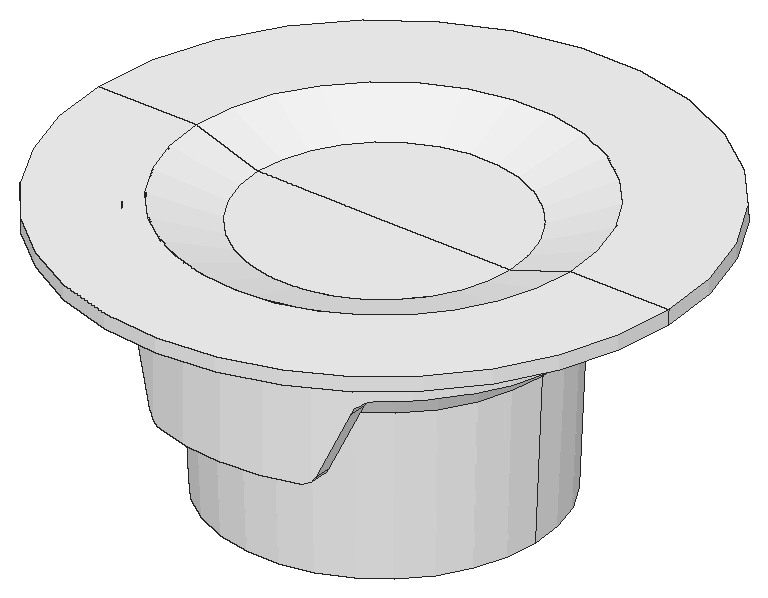
Revit family "0053589 Feilo Sylvania Lighting Fixture START SPOT LED IP65 SUNDIM G2", category Lighting Fixtures, host Face, Revit 2017
Family settings
  Host = Face
  Round Connector Dimension = Use Diameter
  Part Type = Normal
  OmniClass Number = 23.80.70.00
  OmniClass Title = Lighting
  Cut with Voids When Loaded = No
  Light Source = Yes
  Shared = No
  Room Calculation Point = No
Parameters (values of type "0053589 START SPOT LED IP65 SUNDIM G2")
  Weight = "3.648 kg"
  Wattage Comments = ""
  Wattage = 6.5 W
  WarrantyStartDate [instance] = "n/a"
  WarrantyGuarantorParts = "n/a"
  WarrantyDurationUnit = "n/a"
  WarrantyDurationParts = "n/a"
  WarrantyDescription = "n/a"
  built-in parameter 1150110 = 1 (stored number, unit not read)
  Voltage = 230 V
  VisibilityTop_FEILO = no
  URL = "http://www.sylvania-lighting.com"
  TypeName = "START SPOT LED IP65 SUNDIM G2"
  Type Image = <None>
  Type Comments = "n/a"
  built-in parameter 1114217 = 1 (stored number, unit not read)
  Tilt Angle = -90.00°
  built-in parameter 1150109 = 1 (stored number, unit not read)
  built-in parameter 1150134 = (empty or 0)
  built-in parameter 1150113 = 1 (stored number, unit not read)
  SerialNumber [instance] = "n/a"
  RadiusOptics_FEILO = 98.5 mm
  RadiusDiffuser_FEILO = 19 mm
  RadiusCutout_FEILO = 36 mm
  Photometric Web File = "0053589.ies"
  Material_3_FEILO = none
  PowerFactor = 0
  PowerConsumption = "6.5 W"
  NominalLength = 41 mm
  NominalHeight = 41 mm
  NominalDepth = 86 mm
  Name = "START SPOT LED IP65 SUNDIM G2"
  ModelReference = Name  # "START SPOT LED IP65 SUNDIM G2"
  ModelNumber = "0053589"
  Model = Name  # "START SPOT LED IP65 SUNDIM G2"
  Material = "n/a"
  ManufacturerName = "Feilo Sylvania"
  Manufacturer = "Feilo Sylvania"
  LuminousEfficacy = "73.84 lm/W"
  built-in parameter 1150105 = 38.197 (stored number, unit not read)
  Lumens = 480 lm
  LuminaireType = ""
  built-in parameter 1150115 = 1 (stored number, unit not read)
  LightOutputRatio = "n/a"
  built-in parameter 1150137 = (empty or 0)
  built-in parameter 1150139 = (empty or 0)
  LampsType = Lamp  # "LED"
  LampNominalLuminous = "480 lm"
  LampMacAdamStep = "n/a"
  LampColourTemperature = "3000 K"
  LampColourRenderingIndex = "80"
  built-in parameter 1150112 = 1 (stored number, unit not read)
  built-in parameter 1150114 = 1 (stored number, unit not read)
  Lamp = "LED"
  Keynote = "16500"
  InstallationDate [instance] = "n/a"
  InputVoltage = "220-240V~"
  InputNominalFrequency = "50/60 Hz"
  built-in parameter 1150132 = (empty or 0)
  built-in parameter 1150102 = (empty or 0)
  built-in parameter 1150107 = 3000 (stored number, unit not read)
  built-in parameter 1150138 = (empty or 0)
  IngressProtection = "IP65"
  ImpactProtectionIndex = "IK03"
  built-in parameter 1150106 = 0.38197 (stored number, unit not read)
  IfcExportType = "IfcLightFixtureType"
  IfcExportAs = "IfcLightFixtureType"
  HeightBezel_FEILO = 2 mm
  ExpectedLife = 50000
  Emit from Circle Diameter = 38 mm
  Emit Shape Visible in Rendering = no
  ElectricShockClassification = "Class II"
  built-in parameter 1150104 = 6.8605 (stored number, unit not read)
  DurationUnit = "hours"
  DocumentationLiterature = "http://www.sylvania-lighting.com/product/en-int/products/0053589"
  DimmingControlOptions = "n/a"
  Material_2_FEILO = LED-Sylvania-StartSpot
  Dimming Lamp Color Temperature Shift = <None>
  DiameterBezel_FEILO = 86 mm
  Description = "Integrated dimmable to warm LED IP65 fixed downlight, RAL9016, 480LM, 7W, 3000K to 2200K, 100 degree beam angle, polycarbonate white body, low profile 41mm recessed depth, 86mm bezel diameter, 65-74mm cutout, frosted lens."
  DepthDiffuser_FEILO = 3 mm
  Default Elevation = 1219.2 mm
  CreatedOn = "2/14/2018"
  CreatedBy = ""
  Cost = 0
  Color Filter = 16777215
  built-in parameter 1114216 [instance] = (empty or 0)
  ClassificationValue = "EF_70_80"
  ClassificationName = "Uniclass2015"
  Material_1_FEILO = Body-Sylvania-StartSpot-White
  BarCode [instance] = "n/a"
  built-in parameter 1114218 = 1 (stored number, unit not read)
  built-in parameter 1150133 = 10 (stored number, unit not read)
  AssetType = "Fixed"
  AssetIdentifier [instance] = "n/a"
  Assembly Code = "D5020200"
  Apparent Load = 6.5 VA
  Material_4_FEILO = none
Reference planes
  plane 1 "Center (Front/Back)": y = 0
  plane 2: z = 0
  plane 3 "Center (Left/Right)": x = 0
  plane 4: x = -43
  plane 5: x = 43
  plane 6: z = 2
  plane 7: z = -8
  plane 8: z = -10
  plane 9: z = -13.5
  plane 10: z = -36.5
  plane 11: z = -55
  plane 12: z = -67.625
  plane 13: x = -19
  plane 14: x = -21.5
  plane 15: x = -24
  plane 16: x = -26
  plane 17: x = -31
  plane 18: x = -17
  plane 19: z = -20
  plane 20: z = -1
  plane 21: x = -19
  plane 22: x = -29
  plane 23: x = -23
  plane 24: x = -27.2
  plane 25: x = -26
  plane 26: z = 1
  plane 27: z = 0
  plane 28: x = -12
  plane 29: y = 43
  plane 30: y = 43
  plane 31: y = -43
  plane 32: x = 31
  plane 33: x = 12
  plane 34: x = 17
  plane 35: z = -7
  plane 36: x = -36
  plane 37: x = -28.2
  plane 38: z = -57
Forms (mm)
  Revolve 1, solid, material "Body-Sylvania-StartSpot-White" <- "Material_1_FEILO"
    sketch origin (0, 0, 0) x (1, 0, 0) y (0, 0, 1)
      loop
        line (-28.2, 2) -> (-43, 2) -> (-43, 0) -> (-31, 0) -> (-31, -20) -> (-29, -20) -> (-29, -7) -> (0, -7) -> (0, -1) -> (-19, -1) -> (-28.2, 2)
      axis (0, 2) -> (0, -20)
    angle from 360 to 0
  Extrusion 2, void
    sketch origin (0, 0, 0) x (1, 0, 0) y (0, 0, 1)
      loop
        line (-31, -8) -> (-31, -20) -> (-10.333, -20)
        arc (-10.333, -20) -> (-11.72, -19.58) -> (-12.641, -18.462) r 2.5
        line (-12.641, -18.462) -> (-16.231, -9.846)
        arc (-16.231, -9.846) -> (-17.336, -8.504) -> (-19, -8) r 3
        line (-19, -8) -> (-31, -8)
      loop
        line (31, -8) -> (19, -8)
        arc (19, -8) -> (17.336, -8.504) -> (16.231, -9.846) r 3
        line (16.231, -9.846) -> (12.513, -18.769)
        arc (12.513, -18.769) -> (11.776, -19.664) -> (10.667, -20) r 2
        line (10.667, -20) -> (31, -20) -> (31, -8)
    from -43 to 43
  Revolve 3, void
    sketch origin (0, 0, 0) x (1, 0, 0) y (0, 0, 1)
      loop
        line (-36, 0) -> (-36, -67.625) -> (0, -67.625) -> (0, 0) -> (-36, 0)
      axis (0, 0) -> (0, -67.625)
    angle from 360 to 0
  Revolve 4, solid, material "Body-Sylvania-StartSpot-White" <- "Material_1_FEILO"
    sketch origin (0, 0, 0) x (1, 0, 0) y (0, 0, 1)
      loop
        line (-26, -7) -> (-26, -10) -> (-24, -13.5) -> (-23, -36.5) -> (0, -36.5) -> (0, -7) -> (-26, -7)
      axis (0, -7) -> (0, -36.5)
    angle from 360 to 0
  Revolve 5, solid, material "Body-Sylvania-StartSpot-White" <- "Material_1_FEILO", visible <- "VisibilityTop_FEILO"
    sketch origin (0, 0, 0) x (1, 0, 0) y (0, 0, 1)
      loop
        line (-23, -36.5) -> (-21.5, -55)
        arc (-21.5, -55) -> (-20.601, -56.438) -> (-19, -57) r 2.562
        line (-19, -57) -> (0, -57) -> (0, -36.5) -> (-23, -36.5)
      axis (0, -36.5) -> (0, -57)
    angle from 360 to 0
Cuts and joins
  Extrusion 2 cuts Revolve 1
Lines and regions (mm)
  reference lines
    curve 1: line (-17, 0, -8) -> (-12, 0, -20)
    curve 2: line (17, 0, -8) -> (12, 0, -20)
Dimensions and locks
  equal spacing: plane 5, plane 3 "Center (Left/Right)", plane 4
  "DiameterBezel_FEILO": plane 5 to plane 4
  "HeightBezel_FEILO": plane 6 to plane 2
  plane 3 "Center (Left/Right)" to plane 13 to plane 14 to plane 15 to plane 16 to plane 17 to plane 4 = 19 mm, 2.5 mm, 2.5 mm, 2 mm, 5 mm, 12 mm
  plane 2 to plane 7 to plane 8 to plane 9 to plane 19 to plane 10 to plane 11 to plane 12 = 8 mm locked, 2 mm locked, 3.5 mm locked, 6.5 mm locked, 16.5 mm locked, 18.5 mm locked, 12.625 mm locked
  "DepthDiffuser_FEILO": plane 6 to plane 20
  "RadiusDiffuser_FEILO": plane 3 "Center (Left/Right)" to plane 21
  locked: plane 22 to plane 17 at 2
  locked: plane 23 to plane 15 at 1
  locked: plane 25 to plane 24 at 1.2
  locked: plane 6 to plane 26 at 1
  locked: plane 27 to plane 20 at 1
  locked: plane 3 "Center (Left/Right)" to plane 28 at 12
  equal spacing: plane 31, plane 1 "Center (Front/Back)", plane 30
  "DiameterBezel_FEILO": plane 31 to plane 30
  locked: plane 32 to plane 3 "Center (Left/Right)" at 31
  locked: plane 33 to plane 3 "Center (Left/Right)" at 12
  locked: plane 34 to plane 3 "Center (Left/Right)" at 17
  locked: plane 6 to plane 35 at 9
  "RadiusCutout_FEILO": plane 3 "Center (Left/Right)" to plane 36
  locked: plane 24 to plane 37 at 1
  locked: plane 11 to plane 38 at 2
  locked: plane 3 "Center (Left/Right)" to Revolve 5 sketch curve at 19
  locked: Revolve 5 sketch curve to plane 38 at 2.563
  aligned and locked: plane 2 to host face
  aligned and locked: level to host face
  aligned and locked: Revolve 1 sketch curve to plane 3 "Center (Left/Right)"
  aligned and locked: Revolve 1 sketch curve to plane 17
  aligned and locked: plane 7 to curve 1
  aligned and locked: plane 18 to curve 1
  aligned and locked: plane 28 to curve 1
  aligned and locked: plane 19 to curve 1
  aligned and locked: plane 7 to Extrusion 2 sketch curve  (x2)
  aligned and locked: curve 1 to Extrusion 2 sketch curve
  aligned and locked: Extrusion 2 sketch curve to Revolve 1
  aligned and locked: plane 7 to curve 2
  aligned and locked: plane 19 to curve 2
  aligned and locked: Extrusion 2 sketch curve to plane 32
  aligned and locked: Extrusion 2 sketch curve to curve 2
  aligned and locked: plane 19 to Extrusion 2 sketch curve
  aligned and locked: Extrusion 2 sketch curve to plane 19
  aligned and locked: Revolve 3 sketch curve to level
  aligned and locked: Revolve 3 sketch curve to plane 3 "Center (Left/Right)"  (x2)
  aligned and locked: plane 36 to Revolve 3 sketch curve
  aligned and locked: plane 25 to plane 16
  aligned and locked: Revolve 1 sketch curve to plane 6
  aligned and locked: Revolve 1 sketch curve to plane 22
  aligned and locked: Revolve 3 sketch curve to plane 12
  aligned and locked: Revolve 1 sketch curve to plane 20
  aligned and locked: plane 37 to Revolve 1 sketch curve
  aligned and locked: Revolve 4 sketch curve to plane 3 "Center (Left/Right)"
  aligned and locked: Revolve 4 sketch curve to plane 16
  aligned and locked: plane 35 to Revolve 4 sketch curve
  aligned and locked: plane 15 to Revolve 4 sketch curve
  aligned and locked: plane 23 to Revolve 4 sketch curve
  aligned and locked: plane 10 to Revolve 4 sketch curve
  aligned and locked: plane 3 "Center (Left/Right)" to Revolve 4 sketch curve
  aligned and locked: Revolve 5 sketch curve to plane 3 "Center (Left/Right)"
  aligned and locked: plane 11 to Revolve 5 sketch curve
  aligned and locked: Revolve 5 sketch curve to Revolve 4  (x2)
  aligned and locked: plane 3 "Center (Left/Right)" to Revolve 5 sketch curve
  aligned and locked: Revolve 5 sketch curve to plane 38
  aligned and locked: imposter light to plane 20
  aligned and locked: plane 3 "Center (Left/Right)" to imposter light
  aligned and locked: imposter light to plane 1 "Center (Front/Back)"
Automatic sketch dimensions
  host sketch curve to host sketch curve = 2438.4 mm  (x2)
  curve 2 to plane 33 = 0 mm
  curve 2 to plane 34 = 0 mm
  Extrusion 2 sketch curve to plane 13 = 0 mm
  Extrusion 2 sketch curve to plane 8 = 0.154 mm  (x2)
  Extrusion 2 sketch curve to plane 28 = 0.641 mm
  plane 28 to Extrusion 2 sketch curve = 1.667 mm
  Extrusion 2 sketch curve to plane 33 = 1.333 mm
  plane 33 to Extrusion 2 sketch curve = 0.513 mm
  plane 34 to Extrusion 2 sketch curve = 2 mm
  plane 12 to Revolve 3 sketch curve = 551.6 mm
  Revolve 3 sketch curve to plane 6 = 2607.058 mm
  Revolve 1 sketch curve to plane 4 = 0 mm
  Revolve 1 sketch curve to plane 21 = 0 mm
  Revolve 1 sketch curve to plane 3 "Center (Left/Right)" = 0 mm
  Revolve 1 sketch curve to plane 19 = 0 mm
  Revolve 1 sketch curve to plane 35 = 0 mm
  Revolve 1 sketch curve to level = 0 mm
  plane 12 to Revolve 1 sketch curve = 551.6 mm
  Revolve 1 sketch curve to plane 6 = 2606.058 mm
  Revolve 4 sketch curve to plane 9 = 0 mm
  Revolve 4 sketch curve to plane 8 = 0 mm
  plane 12 to Revolve 4 sketch curve = 541.975 mm
  Revolve 4 sketch curve to plane 6 = 2607.058 mm
  plane 12 to Revolve 5 sketch curve = 541.975 mm
  Revolve 5 sketch curve to plane 6 = 2607.058 mm
Connectors
  electrical at (0, 0, 0), driven by "Apparent Load", driven by "PowerFactor", driven by "Voltage"
    settings: index 1, voltage 230 V, apparent load 6.5 VA, apparent load phase1 0 VA, apparent load phase2 0 VA, apparent load phase3 0 VA, power factor 0, load classification "Lighting", number of poles 1, system type 30, power factor state 1, is connector primary yes, connector utility no, sub classification motor no, connector description ""
